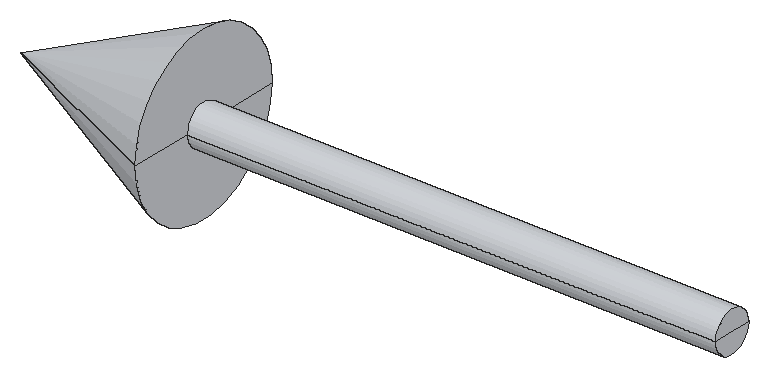
Revit family "NLRS_57_AIR_UN_airflow-arrow-open-end-round-duct-out_sacs", category Air Terminals, Revit 2021
Family settings
  Round Connector Dimension = Use Diameter
  Part Type = Normal
  Work Plane-Based = No
  Always vertical = Yes
  Cut with Voids When Loaded = No
  Shared = No
  Room Calculation Point = No
Parameters (values of type "Size 1")
  URL = "https://solid-air.nl/bim/"
  Size_multiplier = 1
  SACS_Show_Part_2 [instance] = not(SACS_Show_Part_1)  # no
  SACS_Show_Part_1 [instance] = SACS_Array_Count = 1  # yes
  SACS_Offset2 [instance] = SACS_Offset1 * 2  # 50 mm
  SACS_Offset1 [instance] = (NLRS_M_c01_diameter / SACS_Checked_Array_Count) / 2  # 25 mm
  SACS_Checked_Array_Count [instance] = if(SACS_Array_Count < 2, 2, SACS_Array_Count)  # 2
  SACS_Array_Count [instance] = NLRS_M_c01_diameter / (100 mm * Size_multiplier)  # 1
  NLRS_M_c01_diameter [instance] = 100 mm
  NLRS_M_c01_debiet [instance] = 0.0 L/s
  NLRS_C_model = "Airflow arrow - duct OUT"  # constant formula
  NLRS_C_description = "Round open end, airflow duct OUT"  # constant formula
  NLRS_C_content_versie = "1.21.01"  # constant formula
  NLRS_C_content_provider = "Solid Air Climate Systems"  # constant formula
  NLRS_C_content_datum_uitgifte = "28-05-2024"  # constant formula
  NLRS_C_content_creator = "J. Feeke"  # constant formula
  Model = "Airflow arrow - duct OUT"  # constant formula
  Manufacturer = "Solid Air Climate Systems"  # constant formula
  IfcExportType = "OPEN END"  # constant formula
  IfcExportAs = "IfcAirTerminal"  # constant formula
  IfcDescription = Description  # "Round open end, airflow duct OUT"
  Description = "Round open end, airflow duct OUT"  # constant formula
  Default Elevation = 0 mm
  Assembly Code = "57.00"
Types (4, lengths in mm): name | URL | Size_multiplier | SACS_Show_Part_2 | SACS_Show_Part_1 | SACS_Offset2 | SACS_Offset1 | SACS_Checked_Array_Count | SACS_Array_Count | NLRS_M_c01_diameter | Assembly Code
  (no name) | "https://solid-air.nl/bim/" | 1 | no | yes | 50 | 25 | 2 | 1 | 100 | "57.00"
  Size 1 | "https://solid-air.nl/bim/" | 1 | no | yes | 50 | 25 | 2 | 1 | 100 | "57.00"
  Size 1.5 | 0 | 1.5 | yes | no | 157.5 | 78.75 | 4 | 4 | 630 | 0
  Size 2 | 0 | 2 | yes | no | 210 | 105 | 3 | 3 | 630 | 0
Reference planes
  plane 1 "Center (Front/Back)": y = 0
  plane 2: z = 0
  plane 3 "Center (Left/Right)": x = 0
  plane 4: y = -50
  plane 5: y = 50
  plane 6: y = -25
  plane 7: y = 25
Forms (mm)
  Extrusion 1, solid, not visible
    sketch origin (0, 0, 0) x (0, 1, 0) y (0, 0, 1)
      loop
        circle (0, 0) r 1
    from 0 to -1
  Extrusion 2, solid, material "SACS_Label", not visible
    sketch origin (-547.644, -297.937, 0) x (1, 0, 0) y (0, 1, 0)
      loop
        arc (542.644, 302.937) -> (537.644, 297.937) -> (542.644, 292.937) r 5
        line (542.644, 292.937) -> (542.644, 297.937) -> (547.644, 292.937) -> (547.644, 297.937) -> (542.644, 302.937)
    from 0 to 2
  Extrusion 3, solid, material "SACS_Label", not visible
    sketch origin (0, 0, 0) x (1, 0, 0) y (0, 1, 0)
      loop
        arc (5, -5) -> (10, 0) -> (5, 5) r 5
        line (5, 5) -> (5, 0) -> (0, 5) -> (0, 0) -> (5, -5)
    from 0 to 2
Dimensions and locks
  equal spacing: plane 5, plane 1 "Center (Front/Back)", plane 4
  "NLRS_M_c01_diameter": plane 5 to plane 4
  "SACS_Offset1": plane 6 to plane 4
  group 1 to group 2 = 0 mm  (x2)
  group 1 to group 2 = 50 mm
  "SACS_Offset2": plane 7 to plane 6
  aligned and locked: level to plane 2
  aligned and locked: Extrusion 1 to plane 3 "Center (Left/Right)"
  aligned and locked: level to nested 2
  aligned and locked: plane 3 "Center (Left/Right)" to nested 3
  aligned and locked: plane 1 "Center (Front/Back)" to nested 3
Automatic sketch dimensions
  Extrusion 1 sketch curve to level = 0 mm
  Extrusion 1 sketch curve to plane 1 "Center (Front/Back)" = 0 mm
  plane 1 "Center (Front/Back)" to Extrusion 2 sketch curve = 0 mm  (x3)
  Extrusion 2 sketch curve to plane 3 "Center (Left/Right)" = 0 mm
  Extrusion 2 sketch curve to plane 3 "Center (Left/Right)" = 5 mm
  Extrusion 2 sketch curve to Extrusion 2 sketch curve = 5 mm
  Extrusion 2 sketch curve to Extrusion 2 sketch curve = 0 mm
  plane 1 "Center (Front/Back)" to Extrusion 3 sketch curve = 0 mm  (x3)
  Extrusion 3 sketch curve to plane 3 "Center (Left/Right)" = 0 mm
  Extrusion 3 sketch curve to Extrusion 3 sketch curve = 5 mm  (x2)
  Extrusion 3 sketch curve to plane 1 "Center (Front/Back)" = 5 mm
  radius of Extrusion 1 sketch curve = 1 mm
Nested families
  nested 1: "Arrow_out" at (0, 0, 0), visible <- "SACS_Show_Part_1", type "Arrow_out"
  nested 2: "Arrow_out" at (0, 0, 0) x (1, 0, 0) z (0, -1, 0), type "Arrow_out"
  nested 3: "arrow_3d_out" at (0, 0, 0), visible <- "SACS_Show_Part_1", type "arrow_3d_out"
  nested 4: "Arrow_out" at (0, -25, 0), visible <- "SACS_Show_Part_2", type "Arrow_out"
  nested 5: "arrow_3d_out" at (0, -25, 0), visible <- "SACS_Show_Part_2", type "arrow_3d_out"
  nested 6: "Arrow_out" at (0, 25, 0), visible <- "SACS_Show_Part_2", type "Arrow_out"
  nested 7: "arrow_3d_out" at (0, 25, 0), visible <- "SACS_Show_Part_2", type "arrow_3d_out"
Connectors
  hvac at (0, 0, 0), driven by "NLRS_M_c01_diameter", driven by "NLRS_M_c01_debiet"
    settings: on Extrusion 1, index 1, duct flow 0.0 L/s, flow factor 0, pres drop 0.0 Pa, loss coef 0, conn angle 0.00°, conn width 304.8 mm, conn height 304.8 mm, conn diameter 100 mm, duct sys type 29, conn prof type 0, flow config 1, flow direction 1, loss method 4, conn ref index -1, conn util no, is conn primary yes, conn desc ""
Definition of nested family "arrow_3d_out"
  Parameters (values of type "arrow_3d_out")
    size_multiplier = 1
    dummy = 1  # constant formula
    Tail_Width = size_multiplier * 5 mm * dummy  # 5 mm
    Tail_Start = size_multiplier * 25 mm * dummy  # 25 mm
    Tail_End = size_multiplier * 130 mm * dummy  # 130 mm
    Head_Width = size_multiplier * 21 mm * dummy  # 21 mm
    Head_End = size_multiplier * 45 mm * dummy  # 45 mm
    Default Elevation = 0 mm
  Reference planes
    plane 1 "Center (Front/Back)": y = 0
    plane 2: z = 0
    plane 3 "Center (Left/Right)": x = 0
    plane 4: y = -21
    plane 5: y = -5
    plane 6: x = -25
    plane 7: x = -155
    plane 8: x = -200
  Forms (mm)
    Extrusion 1, solid, not visible
      sketch origin (0, 0, 0) x (0, 1, 0) y (0, 0, 1)
        loop
          circle (0, 0) r 1
      from 0 to -1
    Extrusion 2, solid, not visible
      sketch origin (-547.644, -297.937, 0) x (1, 0, 0) y (0, 1, 0)
        loop
          arc (542.644, 302.937) -> (537.644, 297.937) -> (542.644, 292.937) r 5
          line (542.644, 292.937) -> (542.644, 297.937) -> (547.644, 292.937) -> (547.644, 297.937) -> (542.644, 302.937)
      from 0 to 2
    Extrusion 3, solid, not visible
      sketch origin (0, 0, 0) x (1, 0, 0) y (0, 1, 0)
        loop
          arc (5, -5) -> (10, 0) -> (5, 5) r 5
          line (5, 5) -> (5, 0) -> (0, 5) -> (0, 0) -> (5, -5)
      from 0 to 2
    Revolve 4, solid
      sketch origin (0, 0, 0) x (1, 0, 0) y (0, 1, 0)
        loop
          line (-25, 0) -> (-200, 0) -> (-155, -21) -> (-155, -5) -> (-25, -5) -> (-25, 0)
        axis (-25, 0) -> (-200, 0)
      angle from 0 to 360
  Dimensions and locks
    "Tail_Width": plane 5 to plane 1 "Center (Front/Back)"
    "Head_Width": plane 4 to plane 1 "Center (Front/Back)"
    Extrusion 3 sketch curve to plane 1 "Center (Front/Back)" = 5 mm
    Extrusion 2 sketch curve to plane 1 "Center (Front/Back)" = 5 mm  (x2)
    "Tail_Start": plane 6 to plane 3 "Center (Left/Right)"
    "Tail_End": plane 7 to plane 6
    "Head_End": plane 8 to plane 7
    radius of Extrusion 3 sketch curve = 5 mm
    radius of Extrusion 2 sketch curve = 5 mm
    aligned and locked: level to plane 2
    aligned and locked: Extrusion 1 to plane 3 "Center (Left/Right)"
    aligned and locked: plane 8 to Revolve 4 sketch curve  (x2)
    aligned and locked: Revolve 4 sketch curve to plane 1 "Center (Front/Back)"  (x2)
    aligned and locked: plane 5 to Revolve 4 sketch curve
    aligned and locked: plane 7 to Revolve 4 sketch curve
    aligned and locked: plane 4 to Revolve 4 sketch curve
    aligned and locked: plane 6 to Revolve 4 sketch curve  (x2)
  Automatic sketch dimensions
    Extrusion 1 sketch curve to level = 0 mm
    Extrusion 1 sketch curve to plane 1 "Center (Front/Back)" = 0 mm
    plane 1 "Center (Front/Back)" to Extrusion 2 sketch curve = 0 mm  (x2)
    Extrusion 2 sketch curve to plane 3 "Center (Left/Right)" = 0 mm
    Extrusion 2 sketch curve to plane 3 "Center (Left/Right)" = 5 mm
    plane 1 "Center (Front/Back)" to Extrusion 3 sketch curve = 0 mm  (x2)
    Extrusion 3 sketch curve to plane 3 "Center (Left/Right)" = 0 mm
    Extrusion 3 sketch curve to Extrusion 3 sketch curve = 5 mm
    Extrusion 3 sketch curve to plane 1 "Center (Front/Back)" = 5 mm
    radius of Extrusion 1 sketch curve = 1 mm
Definition of nested family "Arrow_out"
  Parameters (values of type "Arrow_out")
    size_multiplier = 1
    dummy = 1  # constant formula
    Tail_End = size_multiplier * 130 mm * dummy  # 130 mm
    Head_Width = size_multiplier * 21 mm * dummy  # 21 mm
    Tail_Start = size_multiplier * 25 mm * dummy  # 25 mm
    Head_End = size_multiplier * 45 mm * dummy  # 45 mm
  Reference planes
    plane 1 "Center (Front/Back)": y = 0
    plane 2: z = 0
    plane 3 "Center (Left/Right)": x = 0
    plane 4: y = 21
    plane 5: y = -21
    plane 6: x = -25
    plane 7: x = -155
    plane 8: x = -200
  Lines and regions (mm)
    Filled region 1, type "Solid Fill - Black", in view "Ref. Level"
      outline origin (-225, 0, 0) x (0, -1, 0) y (1, 0, 0)
        loop
          line (0, 25) -> (21, 70) -> (-21, 70) -> (0, 25)
    detail lines, in view "Ref. Level"
      curve 1: line (-25, 0, 0) -> (-155, 0, 0)
  Dimensions and locks
    "Head_Width": plane 4 to plane 1 "Center (Front/Back)" to plane 5
    "Tail_Start": plane 6 to plane 3 "Center (Left/Right)"
    "Tail_End": plane 7 to plane 6
    "Head_End": plane 8 to plane 7
    aligned and locked: plane 7 to curve 1
    aligned and locked: Filled region 1 to plane 7
    aligned and locked: plane 7 to Filled region 1 sketch curve
    aligned and locked: plane 1 "Center (Front/Back)" to curve 1
    aligned and locked: plane 1 "Center (Front/Back)" to Filled region 1 sketch curve
    aligned and locked: plane 5 to Filled region 1 sketch curve
    aligned and locked: plane 4 to Filled region 1 sketch curve
    aligned and locked: plane 8 to Filled region 1 sketch curve
    aligned and locked: plane 6 to curve 1
